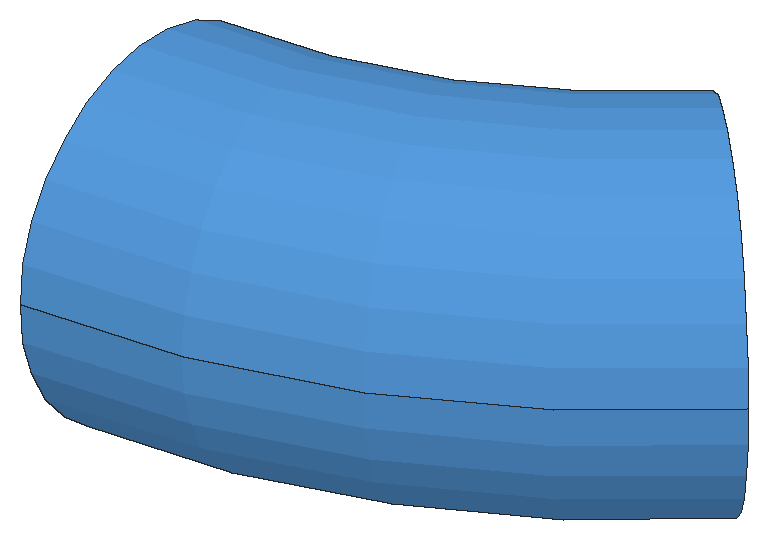
Revit family "BMP_PPR_Elbow45", category Pipe Fittings, Revit 2024
Family settings
  Round Connector Dimension = Use Diameter
  Part Type = Elbow
  Work Plane-Based = Yes
  Always vertical = No
  Cut with Voids When Loaded = No
  Shared = No
Parameters (values of type "20 mm")
  Default Elevation = 1219.2 mm
  BMP_Z_mm = 6 mm
  BMP_Z2_mm = 6 mm
  BMP_Parametric_Revision = "2.0"
  BMP_PN_bar = 20
  BMP_Manufacturer = "Binh Minh Plastics - independent catalogue-based BIM"
  BMP_L_mm = 42 mm
  BMP_H_mm = 21 mm
  BMP_H2_mm = 21 mm
  BMP_Geometry_Note = "Native parametric simplified fitting; editable type dimensions in millimeters."
  BMP_D_mm = 28 mm
  BMP_DN_mm = 20 mm
  BMP_DN2_mm = 20 mm
  BMP_D2_mm = 28 mm
  BMP_Catalogue_PDF_Page = "102"
  BMP_Bore_mm = 20 mm
  BMP_Bore2_mm = 20 mm
  BMP_Bend_Radius_mm = BMP_H_mm / tan(Angle / 2)  # 50.698 mm
  Angle = 45.00°  # constant formula
Types (6, lengths in mm): name | BMP_Z_mm | BMP_Z2_mm | BMP_L_mm | BMP_H_mm | BMP_H2_mm | BMP_D_mm | BMP_DN_mm | BMP_DN2_mm | BMP_D2_mm | BMP_Bore_mm | BMP_Bore2_mm | BMP_Bend_Radius_mm
  20 mm | 6 | 6 | 42 | 21 | 21 | 28 | 20 | 20 | 28 | 20 | 20 | 50.698
  25 mm | 7 | 7 | 46 | 23 | 23 | 35 | 25 | 25 | 35 | 25 | 25 | 55.527
  32 mm | 11 | 11 | 58 | 29 | 29 | 43 | 32 | 32 | 43 | 32 | 32 | 70.012
  40 mm | 12 | 12 | 66 | 33 | 33 | 52 | 40 | 40 | 52 | 40 | 40 | 79.669
  50 mm | 16 | 16 | 80 | 40 | 40 | 64 | 50 | 50 | 64 | 50 | 50 | 96.569
  63 mm | 19 | 19 | 92 | 46 | 46 | 82 | 63 | 63 | 82 | 63 | 63 | 111.054
Reference planes
  plane 1 "Center (Front/Back)": y = 0
  plane 2: z = 0
  plane 3 "Center (Left/Right)": x = 0
Forms (mm)
  Revolve 1, solid, material "BMP_PPR"
    sketch origin (0, 0, 0) x (0, -1, 0) y (0, 0, 1)
      loop
        circle (50.698, 0) r 14
      loop
        circle (50.698, 0) r 10
      axis (0, 0) -> (0, -1)
    angle from 0 to 45 <- "Angle"
Lines and regions (mm)
  reference lines, not visible
    curve 1: line (0, -3000, 0) -> (0, 3000, 0)
    curve 2: line (0, 0, -3000) -> (0, 0, 3000)
Dimensions and locks
  "BMP_Bend_Radius_mm": Revolve 1 sketch curve to curve 2  (x2)
  "BMP_D_mm": diameter of Revolve 1 sketch curve  (x2)
  "BMP_Bore_mm": diameter of Revolve 1 sketch curve  (x2)
  aligned and locked: level to plane 2
  aligned and locked: curve 1 to Revolve 1 sketch curve  (x2)
Automatic sketch dimensions
  curve 1 to level = 0 mm
  curve 2 to plane 1 "Center (Front/Back)" = 0 mm
  curve 1 to plane 1 "Center (Front/Back)" = 3000 mm
  plane 1 "Center (Front/Back)" to curve 1 = 3000 mm
  curve 2 to level = 3000 mm
  level to curve 2 = 3000 mm
  Revolve 1 sketch curve to Revolve 1 sketch curve = 0 mm
  Revolve 1 sketch curve to plane 1 "Center (Front/Back)" = 0 mm
  plane 1 "Center (Front/Back)" to Revolve 1 sketch curve = 50.698 mm
  Revolve 1 sketch curve to level = 1000 mm
  level to Revolve 1 sketch curve = 1000 mm
Connectors
  piping at (0, -50.698, 0), diameter 20, driven by "BMP_DN_mm", driven by "Angle"
    settings: on Revolve 1, index 1, connector inside diameter 609.6 mm, connector length 0 mm, flow factor 0, pipe flow 0.0 L/s, pressure drop 0.0 Pa, fitting loss kfactor 0, connector angle 45.00°, fixture units 0, engagement length 0 mm, angle of deflection 0.00°, flow configuration 0, flow direction 0, fitting loss method 0, system type 28, joint type 0, gender type 0, connector reference index 2, connector utility 0, adjustable connector no, is connector primary yes, connector description ""
  piping at (35.849, -35.849, 0), diameter 20, driven by "BMP_DN_mm", driven by "Angle"
    settings: on Revolve 1, index 2, connector inside diameter 609.6 mm, connector length 0 mm, flow factor 0, pipe flow 0.0 L/s, pressure drop 0.0 Pa, fitting loss kfactor 0, connector angle 45.00°, fixture units 0, engagement length 0 mm, angle of deflection 0.00°, flow configuration 0, flow direction 0, fitting loss method 0, system type 28, joint type 0, gender type 0, connector reference index 1, connector utility 0, adjustable connector no, is connector primary no, connector description ""
